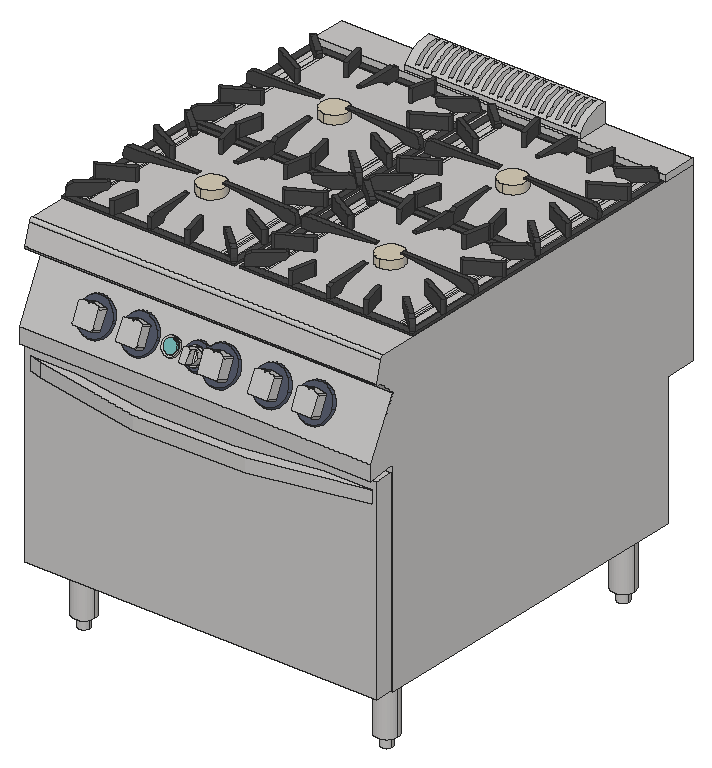
Revit family "QF_ZANUSSI_392260_Z9GCGHTCGB", category Specialty Equipment, Revit 2018 (continued)
Automatic sketch dimensions
  Extrusion 23 sketch curve to plane 16 = 5.396 mm
  Extrusion 23 sketch curve to plane 12 = 112.016 mm
  Extrusion 23 sketch curve to Extrusion 23 sketch curve = 3 mm
  Extrusion 23 sketch curve to Extrusion 23 sketch curve = 0 mm
  Extrusion 23 sketch curve to Extrusion 23 sketch curve = 1 mm  (x2)
  Extrusion 23 sketch curve to Extrusion 23 sketch curve = 15 mm
  Blend 24 sketch curve to plane 17 = 2 mm  (x2)
  Extrusion 25 sketch curve to plane 17 = 25 mm
  Extrusion 25 sketch curve to Extrusion 25 sketch curve = 2.997 mm  (x3)
  Extrusion 25 sketch curve to plane 17 = 2 mm
  plane 17 to Extrusion 25 sketch curve = 18.003 mm  (x2)
  Extrusion 25 sketch curve to Extrusion 25 sketch curve = 5.399 mm
  Extrusion 25 sketch curve to Extrusion 25 sketch curve = 40.037 mm
  Extrusion 25 sketch curve to Extrusion 25 sketch curve = 0 mm  (x2)
  Extrusion 26 sketch curve to plane 16 = 5.396 mm
  Extrusion 26 sketch curve to plane 12 = 112.016 mm
  Extrusion 26 sketch curve to Extrusion 26 sketch curve = 3 mm
  Extrusion 26 sketch curve to Extrusion 26 sketch curve = 0 mm  (x2)
  Extrusion 26 sketch curve to Extrusion 26 sketch curve = 1 mm
  Extrusion 26 sketch curve to Extrusion 26 sketch curve = 15 mm
  Extrusion 27 sketch curve to plane 17 = 19.5 mm
  plane 17 to Extrusion 27 sketch curve = 15.5 mm
  Extrusion 27 sketch curve to Extrusion 27 sketch curve = 35 mm
  Blend 28 sketch curve to plane 20 = 94 mm  (x2)
  plane 17 to Extrusion 29 sketch curve = 75 mm
  Extrusion 29 sketch curve to Extrusion 29 sketch curve = 2.997 mm  (x3)
  Extrusion 29 sketch curve to Extrusion 29 sketch curve = 20.003 mm  (x2)
  Extrusion 29 sketch curve to Extrusion 29 sketch curve = 40.005 mm
  Extrusion 29 sketch curve to Extrusion 29 sketch curve = 5.399 mm
  Extrusion 29 sketch curve to Extrusion 29 sketch curve = 40.037 mm
  Extrusion 29 sketch curve to Extrusion 29 sketch curve = 0 mm  (x2)
  plane 17 to Extrusion 30 sketch curve = 80.5 mm
  Extrusion 30 sketch curve to Extrusion 30 sketch curve = 35 mm  (x2)
  Extrusion 31 sketch curve to plane 16 = 5.396 mm
  Extrusion 31 sketch curve to plane 12 = 112.016 mm
  Extrusion 31 sketch curve to Extrusion 31 sketch curve = 3 mm
  Extrusion 31 sketch curve to Extrusion 31 sketch curve = 0 mm
  Extrusion 31 sketch curve to Extrusion 31 sketch curve = 1 mm  (x2)
  Extrusion 31 sketch curve to Extrusion 31 sketch curve = 15 mm
  Blend 32 sketch curve to plane 7 "Center Y" = 18.05 mm  (x2)
  plane 7 "Center Y" to Blend 32 sketch curve = 34.95 mm  (x2)
  Blend 32 sketch curve to Blend 32 sketch curve = 0 mm  (x2)
  Blend 32 sketch curve to plane 7 "Center Y" = 0.1 mm
  Blend 32 sketch curve to Blend 32 sketch curve = 24.037 mm
  plane 7 "Center Y" to Blend 32 sketch curve = 0.372 mm
  Blend 32 sketch curve to Blend 32 sketch curve = 21.086 mm
  Extrusion 33 sketch curve to plane 7 "Center Y" = 20.051 mm
  Extrusion 34 sketch curve to plane 7 "Center Y" = 36.943 mm
  Extrusion 34 sketch curve to Extrusion 34 sketch curve = 6.058 mm
  Extrusion 34 sketch curve to Extrusion 34 sketch curve = 0.01 mm  (x2)
  Extrusion 34 sketch curve to Extrusion 34 sketch curve = 8.895 mm
  Extrusion 34 sketch curve to plane 7 "Center Y" = 12.053 mm
  Extrusion 34 sketch curve to Extrusion 34 sketch curve = 2.827 mm  (x3)
  Extrusion 34 sketch curve to plane 7 "Center Y" = 3.159 mm
  Extrusion 34 sketch curve to Extrusion 34 sketch curve = 0 mm
  Extrusion 34 sketch curve to Extrusion 34 sketch curve = 15.163 mm
  Extrusion 34 sketch curve to Extrusion 34 sketch curve = 15.173 mm
  plane 7 "Center Y" to Extrusion 35 sketch curve = 11.95 mm
  Extrusion 35 sketch curve to Extrusion 35 sketch curve = 2.997 mm  (x3)
  Extrusion 35 sketch curve to Extrusion 35 sketch curve = 20.003 mm  (x2)
  Extrusion 35 sketch curve to Extrusion 35 sketch curve = 40.005 mm
  Extrusion 35 sketch curve to Extrusion 35 sketch curve = 5.399 mm
  Extrusion 35 sketch curve to Extrusion 35 sketch curve = 40.037 mm
  Extrusion 35 sketch curve to Extrusion 35 sketch curve = 0 mm  (x2)
  Extrusion 36 sketch curve to plane 7 "Center Y" = 20.051 mm
  Extrusion 37 sketch curve to plane 16 = 5.396 mm
  Extrusion 37 sketch curve to plane 12 = 112.016 mm
  Extrusion 37 sketch curve to Extrusion 37 sketch curve = 3 mm
  Extrusion 37 sketch curve to Extrusion 37 sketch curve = 0 mm  (x2)
  Extrusion 37 sketch curve to Extrusion 37 sketch curve = 1 mm
  Extrusion 37 sketch curve to Extrusion 37 sketch curve = 15 mm
  Extrusion 38 sketch curve to plane 16 = 0 mm
  Extrusion 38 sketch curve to plane 15 = 2.972 mm
  plane 9 to Extrusion 38 sketch curve = 6.461 mm
  plane 16 to Extrusion 38 sketch curve = 36.025 mm
  plane 9 to Extrusion 38 sketch curve = 5 mm
  Extrusion 39 sketch curve to Extrusion 39 sketch curve = 0 mm  (x6)
  Extrusion 39 sketch curve to plane 16 = 0 mm  (x2)
  plane 4 "RIGHT" to Extrusion 39 sketch curve = 10.1 mm
  Extrusion 39 sketch curve to plane 20 = 47.705 mm
  Extrusion 39 sketch curve to plane 7 "Center Y" = 0.05 mm
  Extrusion 39 sketch curve to plane 1 "BACK" = 337.5 mm
  Extrusion 39 sketch curve to plane 5 "FRONT" = 4.65 mm
  Blend 40 sketch curve to plane 7 "Center Y" = 77.8 mm  (x2)
  Extrusion 41 sketch curve to plane 7 "Center Y" = 77.8 mm
  Extrusion 42 sketch curve to plane 7 "Center Y" = 77.8 mm
  plane 5 "FRONT" to curve 1 = 0 mm
  plane 1 "BACK" to curve 13 = 0 mm
  curve 10 to plane 4 "RIGHT" = 0 mm
  curve 9 to plane 15 = 0 mm
  curve 2 to plane 3 "LEFT" = 100.013 mm
  plane 11 to curve 12 = 11.113 mm
  curve 12 to plane 19 = 144 mm
  plane 1 "BACK" to curve 93 = 6.761 mm
  curve 11 to curve 93 = 20.698 mm
  curve 92 to curve 90 = 9.296 mm
  curve 90 to curve 87 = 9.397 mm
  curve 87 to curve 86 = 9.296 mm
  curve 86 to curve 84 = 9.397 mm
  curve 84 to curve 85 = 9.296 mm
  curve 82 to curve 80 = 9.397 mm
  curve 80 to curve 81 = 9.296 mm
  curve 78 to curve 75 = 9.397 mm
  curve 76 to curve 74 = 9.296 mm
  curve 74 to curve 72 = 9.397 mm
  curve 72 to curve 73 = 9.296 mm
  curve 70 to curve 69 = 9.397 mm
  curve 68 to curve 69 = 9.296 mm
  curve 66 to curve 65 = 9.397 mm
  curve 64 to curve 65 = 9.296 mm
  curve 62 to curve 61 = 9.397 mm
  curve 60 to curve 61 = 9.296 mm
  curve 58 to curve 55 = 9.397 mm
  curve 54 to plane 7 "Center Y" = 1.823 mm
  plane 7 "Center Y" to curve 52 = 7.574 mm
  curve 52 to curve 53 = 9.296 mm
  curve 50 to curve 48 = 9.397 mm
  curve 48 to curve 46 = 9.296 mm
  curve 46 to curve 44 = 9.397 mm
  curve 44 to curve 42 = 9.296 mm
  curve 42 to curve 40 = 9.397 mm
  curve 40 to curve 38 = 9.296 mm
  curve 38 to curve 35 = 9.397 mm
  curve 36 to curve 34 = 9.296 mm
  curve 34 to curve 32 = 9.397 mm
  curve 32 to curve 33 = 9.296 mm
  curve 30 to curve 28 = 9.397 mm
  curve 28 to curve 29 = 9.296 mm
  curve 26 to curve 24 = 9.397 mm
  curve 25 to plane 17 = 4.332 mm
  plane 17 to curve 19 = 5.065 mm
  curve 20 to curve 18 = 9.296 mm
  curve 18 to curve 15 = 9.397 mm
  curve 16 to curve 14 = 9.296 mm
  curve 14 to curve 13 = 14.847 mm
  curve 2 to plane 4 "RIGHT" = 100.013 mm
  plane 11 to curve 91 = 17.052 mm
  plane 11 to curve 87 = 17.052 mm
  curve 86 to curve 83 = 0 mm
  curve 12 to curve 14 = 5.939 mm
  curve 82 to curve 80 = 0 mm
  curve 18 to curve 15 = 0 mm
  curve 78 to curve 76 = 0 mm
  curve 22 to curve 19 = 0 mm
  curve 74 to curve 72 = 0 mm
  curve 26 to curve 23 = 0 mm
  curve 70 to curve 68 = 0 mm
  curve 30 to curve 27 = 0 mm
  curve 66 to curve 64 = 0 mm
  curve 34 to curve 31 = 0 mm
  curve 62 to curve 60 = 0 mm
  curve 38 to curve 35 = 0 mm
  curve 58 to curve 56 = 0 mm
  curve 42 to curve 39 = 0 mm
  curve 54 to curve 52 = 0 mm
  curve 46 to curve 43 = 0 mm
  plane 1 "BACK" to curve 49 = 6.761 mm
  plane 1 "BACK" to curve 50 = 6.761 mm
  plane 1 "BACK" to curve 45 = 6.761 mm
  plane 1 "BACK" to curve 54 = 6.761 mm
  plane 1 "BACK" to curve 41 = 6.761 mm
  plane 1 "BACK" to curve 58 = 6.761 mm
  plane 1 "BACK" to curve 37 = 6.761 mm
  plane 1 "BACK" to curve 62 = 6.761 mm
  plane 1 "BACK" to curve 33 = 6.761 mm
  plane 1 "BACK" to curve 66 = 6.761 mm
  plane 1 "BACK" to curve 29 = 6.761 mm
  plane 1 "BACK" to curve 70 = 6.761 mm
  plane 1 "BACK" to curve 25 = 6.761 mm
  plane 1 "BACK" to curve 74 = 6.761 mm
  plane 1 "BACK" to curve 21 = 6.761 mm
  plane 1 "BACK" to curve 78 = 6.761 mm
  plane 1 "BACK" to curve 17 = 6.761 mm
  plane 1 "BACK" to curve 82 = 6.761 mm
  plane 1 "BACK" to curve 88 = 6.761 mm
  curve 2 to plane 1 "BACK" = 100.013 mm
  curve 3 to plane 5 "FRONT" = 0.396 mm
  plane 11 to curve 7 = 4.762 mm
  plane 5 "FRONT" to curve 6 = 0 mm
  plane 5 "FRONT" to curve 10 = 0 mm
  curve 185 to plane 3 "LEFT" = 0 mm
  curve 95 to curve 98 = 0.774 mm
  curve 95 to curve 96 = 1.846 mm
  curve 98 to curve 97 = 10.309 mm
  curve 95 to curve 99 = 21.322 mm
  curve 99 to curve 108 = 1.738 mm
  curve 97 to curve 106 = 22.215 mm
  curve 105 to curve 107 = 1.071 mm
  curve 111 to curve 114 = 0.774 mm
  curve 111 to curve 112 = 1.846 mm
  curve 114 to curve 113 = 10.309 mm
  curve 111 to curve 115 = 21.322 mm
  curve 115 to curve 124 = 1.738 mm
  curve 121 to curve 123 = 1.071 mm
  curve 166 to plane 7 "Center Y" = 29.723 mm
  curve 167 to plane 7 "Center Y" = 10.379 mm
  curve 194 to plane 7 "Center Y" = 0.05 mm
  plane 7 "Center Y" to curve 127 = 12.759 mm
  curve 127 to curve 128 = 1.846 mm
  plane 7 "Center Y" to curve 129 = 23.842 mm
  plane 7 "Center Y" to curve 131 = 34.081 mm
  curve 131 to curve 140 = 1.738 mm
  curve 129 to curve 138 = 22.215 mm
  curve 137 to curve 139 = 1.071 mm
  curve 137 to curve 136 = 1.846 mm
  curve 170 to curve 173 = 0.774 mm
  curve 170 to curve 171 = 1.846 mm
  curve 172 to plane 17 = 13.108 mm
  curve 174 to plane 17 = 2.869 mm
  curve 183 to plane 17 = 1.131 mm
  plane 17 to curve 181 = 9.108 mm
  plane 17 to curve 180 = 18.346 mm
  curve 180 to curve 182 = 1.071 mm
  curve 179 to curve 143 = 55.515 mm
  curve 143 to curve 146 = 0.774 mm
  curve 143 to curve 144 = 1.846 mm
  curve 146 to curve 145 = 10.309 mm
  curve 143 to curve 147 = 21.322 mm
  curve 147 to curve 155 = 1.738 mm
  curve 153 to curve 154 = 1.071 mm
  curve 108 to curve 124 = 0 mm
  curve 183 to curve 155 = 0 mm
  curve 99 to curve 108 = 0 mm
  curve 147 to curve 155 = 0 mm
  curve 115 to curve 124 = 0 mm
  curve 131 to curve 140 = 0 mm
  curve 174 to curve 183 = 0 mm
  curve 170 to curve 179 = 0 mm
  curve 127 to curve 136 = 0 mm
  curve 111 to curve 120 = 0 mm
  curve 95 to curve 104 = 0 mm
  curve 143 to curve 152 = 0 mm
  curve 128 to curve 130 = 14.462 mm
  curve 112 to curve 114 = 14.462 mm
  curve 171 to curve 173 = 14.462 mm
  curve 144 to curve 146 = 14.462 mm
  curve 166 to curve 167 = 0 mm
  curve 172 to curve 181 = 0 mm
  curve 129 to curve 138 = 0 mm
  curve 97 to curve 106 = 0 mm
  curve 113 to curve 122 = 0 mm
  curve 192 to plane 19 = 5.252 mm
  curve 97 to curve 98 = 11.392 mm
  curve 94 to curve 95 = 0.809 mm
  curve 95 to curve 95 = 0.277 mm
  curve 95 to curve 109 = 2.465 mm
  curve 99 to curve 100 = 20.701 mm
  curve 99 to curve 108 = 2 mm
  curve 105 to curve 104 = 2.189 mm
  curve 107 to curve 107 = 0.284 mm
  curve 104 to curve 105 = 0.277 mm
  curve 107 to curve 106 = 1.299 mm
  curve 103 to curve 106 = 9.809 mm
  curve 113 to curve 114 = 11.392 mm
  curve 193 to curve 111 = 0.809 mm
  curve 112 to curve 111 = 0.277 mm
  curve 114 to curve 114 = 0.284 mm
  curve 111 to curve 112 = 2.465 mm
  curve 112 to curve 194 = 16.272 mm
  curve 115 to curve 116 = 20.701 mm
  curve 115 to curve 124 = 2 mm
  curve 121 to curve 120 = 2.189 mm
  curve 123 to curve 123 = 0.284 mm
  curve 120 to curve 121 = 0.277 mm
  curve 123 to curve 122 = 1.299 mm
  curve 120 to curve 120 = 0.809 mm
  curve 119 to curve 122 = 9.809 mm
  curve 166 to curve 166 = 1.229 mm
  curve 166 to curve 166 = 0.445 mm
  curve 187 to curve 166 = 0 mm
  curve 188 to plane 7 "Center Y" = 12.097 mm
  curve 167 to curve 167 = 0.445 mm
  plane 7 "Center Y" to curve 129 = 2.141 mm
  curve 127 to curve 127 = 0.809 mm
  curve 126 to curve 130 = 1.583 mm
  curve 127 to curve 127 = 0.277 mm
  curve 131 to curve 130 = 0.284 mm
  curve 127 to curve 141 = 2.465 mm
  curve 130 to curve 133 = 20.417 mm
  curve 132 to curve 134 = 2 mm
  curve 141 to curve 136 = 2.189 mm
  curve 139 to curve 139 = 0.284 mm
  curve 136 to curve 137 = 0.277 mm
  curve 140 to curve 138 = 1.299 mm
  curve 135 to curve 138 = 9.809 mm
  curve 172 to curve 173 = 11.392 mm
  curve 170 to curve 170 = 0.277 mm
  curve 174 to curve 173 = 0.284 mm
  curve 170 to curve 184 = 2.465 mm
  curve 175 to plane 17 = 3 mm
  curve 177 to plane 17 = 1 mm
  plane 17 to curve 194 = 1.63 mm
  curve 184 to curve 179 = 2.189 mm
  curve 182 to curve 183 = 0.284 mm
  curve 179 to curve 179 = 0.277 mm
  curve 179 to curve 178 = 0.809 mm
  curve 182 to curve 181 = 1.299 mm
  curve 178 to curve 181 = 9.809 mm
  curve 145 to curve 146 = 11.392 mm
  curve 143 to curve 143 = 0.809 mm
  curve 144 to curve 143 = 0.277 mm
  curve 146 to curve 146 = 0.284 mm
  curve 143 to curve 144 = 2.465 mm
  curve 147 to curve 148 = 20.701 mm
  curve 147 to curve 155 = 2 mm
  curve 156 to curve 152 = 2.189 mm
  curve 154 to curve 155 = 0.284 mm
  curve 152 to curve 153 = 0.277 mm
  curve 152 to curve 151 = 0.809 mm
  curve 125 to curve 111 = 0.573 mm
  curve 141 to curve 127 = 0.573 mm
  curve 96 to curve 95 = 0.573 mm
  curve 156 to curve 143 = 0.573 mm
  curve 105 to curve 104 = 0.573 mm
  curve 171 to curve 170 = 0.573 mm
  curve 184 to curve 179 = 0.573 mm
  curve 110 to curve 193 = 1.161 mm
  curve 178 to curve 195 = 1.175 mm
  curve 187 to curve 166 = 13.86 mm
  curve 186 to curve 193 = 0.411 mm
  curve 151 to curve 191 = 9.347 mm
  curve 190 to curve 195 = 0.41 mm
  curve 94 to curve 185 = 9.347 mm
  curve 188 to curve 167 = 13.86 mm
  curve 171 to curve 189 = 6.567 mm
  curve 173 to curve 173 = 0.567 mm
  curve 146 to curve 146 = 0.567 mm
  curve 130 to curve 130 = 0.567 mm
  curve 123 to curve 123 = 0.567 mm
  curve 154 to curve 154 = 0.567 mm
  curve 114 to curve 114 = 0.567 mm
  curve 182 to curve 182 = 0.567 mm
  curve 139 to curve 139 = 0.567 mm
  curve 98 to curve 98 = 0.567 mm
  curve 107 to curve 107 = 0.567 mm
  curve 146 to curve 148 = 1.435 mm
  curve 194 to curve 177 = 20.009 mm
  curve 123 to curve 118 = 1.435 mm
  curve 98 to curve 101 = 1.435 mm
  curve 139 to curve 134 = 1.435 mm
  curve 107 to curve 106 = 1.156 mm
  curve 131 to curve 129 = 1.156 mm
  curve 173 to curve 172 = 1.156 mm
  curve 114 to curve 113 = 1.156 mm
  curve 140 to curve 138 = 1.156 mm
  curve 123 to curve 122 = 1.156 mm
  curve 146 to curve 145 = 1.156 mm
  curve 182 to curve 181 = 1.156 mm
  curve 166 to curve 166 = 0.083 mm
  curve 167 to curve 167 = 0.083 mm
  curve 99 to curve 100 = 3.441 mm
  curve 106 to curve 103 = 4.292 mm
  curve 172 to curve 169 = 4.292 mm
  curve 174 to curve 175 = 3.441 mm
  curve 155 to curve 150 = 3.441 mm
  curve 145 to curve 142 = 4.292 mm
  curve 181 to curve 178 = 4.292 mm
  curve 138 to curve 135 = 4.292 mm
  curve 140 to curve 134 = 3.441 mm
  curve 113 to curve 110 = 4.292 mm
  curve 129 to curve 126 = 4.292 mm
  curve 122 to curve 119 = 4.292 mm
  curve 124 to curve 118 = 3.441 mm
  curve 97 to curve 94 = 4.292 mm
  curve 165 to plane 5 "FRONT" = 17.937 mm
  curve 160 to curve 165 = 0.001 mm
  curve 161 to curve 160 = 7.996 mm
  curve 161 to curve 161 = 2.259 mm
  curve 160 to curve 161 = 0.319 mm
  curve 160 to curve 158 = 3.717 mm
  curve 161 to curve 160 = 1.423 mm
  curve 164 to plane 7 "Center Y" = 4.049 mm
  curve 160 to curve 159 = 0.001 mm
  curve 159 to curve 157 = 7.998 mm
  curve 162 to curve 162 = 0.865 mm
  curve 162 to curve 162 = 2.495 mm
  curve 162 to curve 159 = 0.141 mm
  curve 157 to curve 159 = 3.718 mm
  curve 159 to curve 160 = 4.284 mm
  curve 160 to curve 159 = 0 mm
  curve 165 to curve 160 = 2.937 mm
  curve 165 to curve 159 = 2.937 mm
  curve 160 to curve 164 = 0 mm
  curve 163 to curve 159 = 0 mm
  curve 160 to curve 158 = 1.224 mm
  curve 159 to curve 157 = 1.224 mm
  curve 163 to curve 163 = 4.847 mm
  curve 165 to curve 159 = 7.784 mm
  curve 163 to curve 160 = 0.003 mm
  curve 164 to curve 164 = 4.85 mm
  curve 160 to curve 161 = 0.047 mm
  curve 162 to curve 162 = 2.86 mm
  curve 162 to curve 157 = 10.261 mm
  plane 5 "FRONT" to curve 186 = 0 mm
  curve 149 to curve 156 = 19.003 mm
  curve 153 to curve 152 = 1.846 mm
  curve 192 to curve 193 = 0 mm  (x2)
  curve 192 to curve 194 = 0 mm
  curve 192 to curve 195 = 0 mm
  curve 193 to curve 194 = 0 mm
  curve 194 to curve 195 = 0 mm
  plane 5 "FRONT" to curve 190 = 0 mm
  curve 101 to plane 16 = 5.671 mm
  curve 98 to curve 101 = 20.417 mm
  radius of Extrusion 4 sketch curve = 6.4 mm
  radius of Extrusion 11 sketch curve = 6.4 mm
  radius of Extrusion 12 sketch curve = 6.4 mm
  radius of Extrusion 13 sketch curve = 6.35 mm
  radius of Split face 1 sketch curve = 3 mm
  radius of Split face 4 sketch curve = 1.5 mm
  radius of Split face 5 sketch curve = 3.497 mm
  radius of Split face 8 sketch curve = 2.029 mm
  radius of Split face 13 sketch curve = 2.029 mm
  radius of Split face 14 sketch curve = 3 mm
  radius of Split face 15 sketch curve = 1.5 mm
  radius of Split face 16 sketch curve = 3.497 mm
  radius of Split face 17 sketch curve = 3 mm
  radius of Split face 20 sketch curve = 1.5 mm
  radius of Split face 21 sketch curve = 3.497 mm
  radius of Split face 24 sketch curve = 2.029 mm
  radius of Split face 29 sketch curve = 2.029 mm
  radius of Split face 30 sketch curve = 3 mm
  radius of Split face 31 sketch curve = 1.5 mm
  radius of Split face 32 sketch curve = 3.497 mm
  radius of Split face 33 sketch curve = 1 mm
  radius of Split face 34 sketch curve = 1 mm
  radius of Split face 35 sketch curve = 1 mm
  radius of Split face 36 sketch curve = 1 mm
  radius of Split face 37 sketch curve = 1 mm
  radius of Split face 38 sketch curve = 1 mm
  radius of Split face 39 sketch curve = 1 mm
  radius of Split face 40 sketch curve = 1 mm
  radius of Split face 41 sketch curve = 1 mm
  radius of Split face 42 sketch curve = 1 mm
  radius of Split face 43 sketch curve = 1 mm
  radius of Split face 44 sketch curve = 1 mm
  radius of Split face 45 sketch curve = 1 mm
  radius of Split face 46 sketch curve = 1 mm
  radius of Split face 47 sketch curve = 1 mm
  radius of Split face 48 sketch curve = 1 mm
  radius of Split face 49 sketch curve = 1 mm
  radius of Split face 50 sketch curve = 1 mm
  radius of Split face 51 sketch curve = 1 mm
  radius of Split face 52 sketch curve = 1 mm
  radius of Split face 53 sketch curve = 1 mm
  radius of Split face 54 sketch curve = 1 mm
  radius of Split face 55 sketch curve = 1 mm
  radius of Split face 56 sketch curve = 1 mm
  radius of Split face 57 sketch curve = 1.508 mm
  radius of Split face 58 sketch curve = 1.343 mm
  radius of Blend 16 sketch curve = 42.5 mm
  radius of Blend 16 sketch curve = 40.5 mm
  radius of Blend 20 sketch curve = 42.5 mm
  radius of Blend 20 sketch curve = 40.5 mm
  radius of Blend 24 sketch curve = 42.5 mm
  radius of Blend 24 sketch curve = 40.5 mm
  radius of Blend 28 sketch curve = 42.5 mm
  radius of Blend 28 sketch curve = 40.5 mm
  radius of Extrusion 33 sketch curve = 20 mm
  radius of Extrusion 36 sketch curve = 16 mm
  radius of Blend 40 sketch curve = 20 mm
  radius of Blend 40 sketch curve = 15 mm
  radius of Extrusion 41 sketch curve = 20 mm
  radius of Extrusion 42 sketch curve = 15 mm
Nested families
  nested 1: "QF_392008_BURNER" at (393.7, -440.488, 0) x (-1, 0, 0) z (0, 0, 1), type "QF_392008_BURNER"
    with Type Mark "", Status "", Specification by User "", Revision Code "", Item Number "", Installed By "", Identify Quantity as Lot yes, Furnished By "", Foodservice Equipment Identifier yes
  nested 2: "QF_392008_BURNER" at (393.7, -440.488, 0) x (-1, 0, 0) z (0, 0, 1), type "QF_392008_BURNER"
    with Type Mark "", Status "", Specification by User "", Revision Code "", Item Number "", Installed By "", Identify Quantity as Lot yes, Furnished By "", Foodservice Equipment Identifier yes
  nested 3: "QF_392008_BURNER" at (406.4, -440.488, 0), type "QF_392008_BURNER"
    with Type Mark "", Status "", Specification by User "", Revision Code "", Item Number "", Installed By "", Identify Quantity as Lot yes, Furnished By "", Foodservice Equipment Identifier yes
  nested 4: "QF_392008_BURNER" at (406.4, -440.488, 0), type "QF_392008_BURNER"
    with Type Mark "", Status "", Specification by User "", Revision Code "", Item Number "", Installed By "", Identify Quantity as Lot yes, Furnished By "", Foodservice Equipment Identifier yes
Connectors
  piping at (757.1, -30, 406.813), diameter 12.8
    settings: on Extrusion 4, index 1, connector inside diameter 0.50394", connector length 0 mm, flow factor 0, pipe flow 0 GPM, pressure drop 0.00 psi, fitting loss kfactor 0, connector angle 0.00°, fixture units 0, engagement length 0 mm, angle of deflection 0.00°, flow configuration 1, flow direction 1, fitting loss method 0, system type 7, joint type 0, gender type 0, connector reference index -1, connector utility 0, adjustable connector no, is connector primary yes, connector description "GAS"
  electrical at (552.1, -59, 310)
    settings: on Extrusion 14, index 2, voltage 220 V, apparent load 18.5806 VA, apparent load phase1 0 VA, apparent load phase2 0 VA, apparent load phase3 0 VA, power factor 1, load classification "Other", number of poles 1, system type 30, power factor state 1, is connector primary yes, connector utility no, sub classification motor no, connector description "ELECTRICAL CONNECTION"
Definition of nested family "QF_392008_BURNER"
  Parameters
    Weight in Pounds = 0
    URL Cutsheet = ""
    URL = "www.electrolux.com"
    Type Mark [instance] = ""
    Status [instance] = ""
    Specification by User [instance] = ""
    Specification by Manufacturer = ""
    Show Clearance [instance] = yes
    Serial Number = ""
    Seismic Rating = ""
    SMACNA No = ""
    Revision Code [instance] = ""
    Omniclass Number and Title = ""
    NAFEM Spec ID Number = ""
    Model = "371009"
    Masterspec = ""
    Manufacturer = "ELECTROLUX"
    Item Number [instance] = ""
    Installed By [instance] = ""
    Identify Quantity as Lot [instance] = yes
    Furnished By [instance] = ""
    Foodservice Equipment Identifier [instance] = yes
    Description = ""
    CSI MasterFormat = ""
    CSI Master Format = ""
  Reference planes
    plane 1 "BACK": y = 0
    plane 2: z = 0
    plane 3 "LEFT": x = 0
    plane 4 "RIGHT": x = 393.7
    plane 5 "FRONT": y = -355.6
    plane 6 "TOP": z = 908.85
    plane 7 "Center Y": x = 196.85
    plane 8 "Center X": y = -177.8
    plane 9 "Base": z = 150
    plane 10: z = 850.85
  Forms (mm)
    Extrusion 1, solid
      sketch origin (-6.433, -404.961, 5) x (1, 0, 0) y (0, 0, -1)
        loop
          arc (7.142, -850.85) -> (6.739, -862.989) -> (9.761, -874.752) r 42.809
          line (9.761, -874.752) -> (19.961, -879.425) -> (173.122, -879.425)
          arc (173.122, -879.425) -> (174.316, -878.312) -> (173.289, -877.043) r 1.197
          line (173.289, -877.043) -> (64.848, -864.021)
          arc (64.848, -864.021) -> (50.111, -858.738) -> (36.589, -850.85) r 85.245
          line (36.589, -850.85) -> (7.142, -850.85)
        loop
          line (399.424, -850.85) -> (369.977, -850.85)
          arc (369.977, -850.85) -> (356.455, -858.738) -> (341.718, -864.021) r 85.245
          line (341.718, -864.021) -> (233.277, -877.043)
          arc (233.277, -877.043) -> (232.25, -878.312) -> (233.444, -879.425) r 1.197
          line (233.444, -879.425) -> (386.605, -879.425) -> (396.806, -874.752)
          arc (396.806, -874.752) -> (399.827, -862.989) -> (399.424, -850.85) r 42.809
      from 224.564 to 234.564
    Extrusion 2, solid
      sketch origin (196.85, 175.397, 1219.2) x (0, 1, 0) y (0, 0, 1)
        loop
          line (-204.463, -363.35) -> (-175.397, -363.35) -> (-175.397, -339.506)
          arc (-175.397, -339.506) -> (-181.025, -338.266) -> (-185.611, -334.775) r 13.39
          line (-185.611, -334.775) -> (-278.903, -334.775)
          arc (-278.903, -334.775) -> (-280.097, -335.888) -> (-279.07, -337.157) r 1.197
          line (-279.07, -337.157) -> (-227.151, -347.464)
          arc (-227.151, -347.464) -> (-213.741, -352.457) -> (-204.463, -363.35) r 28.426
        loop
          arc (-496.332, -363.35) -> (-487.053, -352.457) -> (-473.644, -347.464) r 28.426
          line (-473.644, -347.464) -> (-421.725, -337.157)
          arc (-421.725, -337.157) -> (-420.697, -335.888) -> (-421.891, -334.775) r 1.197
          line (-421.891, -334.775) -> (-515.184, -334.775)
          arc (-515.184, -334.775) -> (-519.769, -338.266) -> (-525.397, -339.506) r 13.39
          line (-525.397, -339.506) -> (-525.397, -363.35) -> (-496.332, -363.35)
      from -5 to 5
    Extrusion 3, solid
      sketch origin (-6.433, 367.064, 850.85) x (0, -1, 0) y (1, 0, 0)
        loop
          line (722.664, 6.433) -> (722.664, 400.133) -> (367.064, 400.133) -> (367.064, 6.433) -> (722.664, 6.433)
        loop
          line (382.064, 21.433) -> (707.664, 21.433) -> (707.664, 385.133) -> (382.064, 385.133) -> (382.064, 21.433)
      from 0 to 5
    Extrusion 4, solid
      sketch origin (-18.933, 367.064, 855.85) x (0, -1, 0) y (1, 0, 0)
        loop
          circle (541.667, 215.783) r 30
      from -1.321 to 17.134
    Extrusion 5, solid
      sketch origin (-6.433, -367.064, 0) x (1, 0, 0) y (0, 0, -1)
        loop
          line (21.433, -855.85) -> (36.589, -855.85)
          arc (36.589, -855.85) -> (40.561, -855.243) -> (44.305, -853.783) r 18.259
          arc (44.305, -853.783) -> (45.997, -853.366) -> (47.69, -853.783) r 3.649
          arc (47.69, -853.783) -> (49.901, -854.522) -> (52.232, -854.529) r 7.328
          line (52.232, -854.529) -> (354.334, -854.529)
          arc (354.334, -854.529) -> (356.666, -854.522) -> (358.877, -853.783) r 7.328
          arc (358.877, -853.783) -> (360.569, -853.366) -> (362.261, -853.783) r 3.649
          arc (362.261, -853.783) -> (366.005, -855.243) -> (369.977, -855.85) r 18.259
          line (369.977, -855.85) -> (385.133, -855.85) -> (385.133, -850.85) -> (21.433, -850.85) -> (21.433, -855.85)
      from 26.464 to 352.064
    Extrusion 6, solid
      sketch origin (83.284, -458.334, 5) x (0.742103, 0.670286, 0) y (0, 0, -1)
        loop
          arc (88.629, -864.012) -> (73.909, -858.731) -> (60.402, -850.85) r 85.245
          line (60.402, -850.85) -> (14.993, -850.85)
          arc (14.993, -850.85) -> (14.642, -862.948) -> (17.686, -874.663) r 42.876
          line (17.686, -874.663) -> (27.899, -879.425) -> (89.664, -879.425)
          arc (89.664, -879.425) -> (92.39, -878.352) -> (93.654, -875.709) r 4
          arc (93.654, -875.709) -> (92.562, -869.25) -> (88.629, -864.012) r 13.87
        loop
          arc (457.638, -864.012) -> (453.704, -869.25) -> (452.613, -875.709) r 13.87
          arc (452.613, -875.709) -> (453.876, -878.352) -> (456.603, -879.425) r 4
          line (456.603, -879.425) -> (518.367, -879.425) -> (528.581, -874.663)
          arc (528.581, -874.663) -> (531.624, -862.948) -> (531.273, -850.85) r 42.876
          line (531.273, -850.85) -> (485.865, -850.85)
          arc (485.865, -850.85) -> (472.357, -858.731) -> (457.638, -864.012) r 85.245
      from 127.064 to 137.064
    Extrusion 7, solid
      sketch origin (310.416, -458.334, 5) x (-0.742103, 0.670286, 0) y (0, 0, 1)
        loop
          arc (88.629, 864.012) -> (92.562, 869.25) -> (93.654, 875.709) r 13.87
          arc (93.654, 875.709) -> (92.39, 878.352) -> (89.664, 879.425) r 4
          line (89.664, 879.425) -> (27.899, 879.425) -> (17.686, 874.663)
          arc (17.686, 874.663) -> (14.642, 862.948) -> (14.993, 850.85) r 42.876
          line (14.993, 850.85) -> (60.402, 850.85)
          arc (60.402, 850.85) -> (73.909, 858.731) -> (88.629, 864.012) r 85.245
        loop
          arc (457.638, 864.012) -> (472.357, 858.731) -> (485.865, 850.85) r 85.245
          line (485.865, 850.85) -> (531.273, 850.85)
          arc (531.273, 850.85) -> (531.624, 862.948) -> (528.581, 874.663) r 42.876
          line (528.581, 874.663) -> (518.367, 879.425) -> (456.603, 879.425)
          arc (456.603, 879.425) -> (453.876, 878.352) -> (452.613, 875.709) r 4
          arc (452.613, 875.709) -> (453.704, 869.25) -> (457.638, 864.012) r 13.87
      from 127.064 to 137.064
    Extrusion 8, solid
      sketch origin (-6.433, 367.064, 855.85) x (0, -1, 0) y (1, 0, 0)
        loop
          arc (626.166, 9.428) -> (632.956, 7.454) -> (634.93, 14.244) r 5
          line (634.93, 14.244) -> (600.514, 76.878)
          arc (600.514, 76.878) -> (593.724, 78.852) -> (591.75, 72.062) r 5
          line (591.75, 72.062) -> (626.166, 9.428)
        loop
          line (463.562, 9.428) -> (497.977, 72.062)
          arc (497.977, 72.062) -> (496.003, 78.852) -> (489.213, 76.878) r 5
          line (489.213, 76.878) -> (454.798, 14.244)
          arc (454.798, 14.244) -> (456.772, 7.454) -> (463.562, 9.428) r 5
        loop
          line (626.166, 397.138) -> (591.75, 334.504)
          arc (591.75, 334.504) -> (593.724, 327.714) -> (600.514, 329.689) r 5
          line (600.514, 329.689) -> (634.93, 392.323)
          arc (634.93, 392.323) -> (632.956, 399.113) -> (626.166, 397.138) r 5
        loop
          arc (463.562, 397.138) -> (456.772, 399.113) -> (454.798, 392.323) r 5
          line (454.798, 392.323) -> (489.213, 329.689)
          arc (489.213, 329.689) -> (496.003, 327.714) -> (497.977, 334.504) r 5
          line (497.977, 334.504) -> (463.562, 397.138)
        loop
          line (715.14, 293.499) -> (666.703, 282.317)
          arc (666.703, 282.317) -> (662.956, 276.32) -> (668.953, 272.573) r 5
          line (668.953, 272.573) -> (717.389, 283.756)
          arc (717.389, 283.756) -> (721.136, 289.752) -> (715.14, 293.499) r 5
        loop
          arc (715.14, 113.067) -> (721.136, 116.814) -> (717.389, 122.811) r 5
          line (717.389, 122.811) -> (668.953, 133.993)
          arc (668.953, 133.993) -> (662.956, 130.246) -> (666.703, 124.249) r 5
          line (666.703, 124.249) -> (715.14, 113.067)
        loop
          arc (374.588, 293.499) -> (368.591, 289.752) -> (372.338, 283.756) r 5
          line (372.338, 283.756) -> (420.775, 272.573)
          arc (420.775, 272.573) -> (426.771, 276.32) -> (423.024, 282.317) r 5
          line (423.024, 282.317) -> (374.588, 293.499)
        loop
          line (374.588, 113.067) -> (423.024, 124.249)
          arc (423.024, 124.249) -> (426.771, 130.246) -> (420.775, 133.993) r 5
          line (420.775, 133.993) -> (372.338, 122.811)
          arc (372.338, 122.811) -> (368.591, 116.814) -> (374.588, 113.067) r 5
      from 0 to 28.575
  Lines and regions (mm)
    symbolic lines
      curve 1: line (0, -355.6, 150) -> (393.7, -355.6, 150)
      curve 2: line (0, 0, 150) -> (0, -355.6, 150)
      curve 3: line (393.7, -355.6, 150) -> (393.7, 0, 150)
      curve 4: line (369.633, -15, 150) -> (285.34, -15, 150)
      curve 5: line (24.067, -340.6, 150) -> (108.36, -340.6, 150)
      curve 6: line (157.475, -170.397, 150) -> (157.475, -15, 150)
      curve 7: line (236.225, -170.397, 150) -> (236.225, -15, 150)
      curve 8: line (201.85, -350, 150) -> (201.85, -176.674, 150)
      curve 9: line (0, -180.397, 150) -> (167.224, -180.397, 150)
      curve 10: line (393.7, -170.397, 150) -> (228.275, -170.397, 150)
      curve 11: line (15, -180.397, 150) -> (15, -252.506, 150)
      curve 12: line (45.799, -340.6, 150) -> (45.799, -320.971, 150)
      curve 13: line (167.224, -170.397, 150) -> (0, -170.397, 150)
      curve 14: line (228.275, -180.504, 150) -> (393.7, -180.504, 150)
      curve 15: arc (228.275, -170.397, 150) -> (223.221, -175.45, 150) -> (228.275, -180.504, 150) r 5.054
      curve 16: arc (167.224, -170.397, 150) -> (172.224, -175.397, 150) -> (167.224, -180.397, 150) r 5
      curve 17: line (191.85, -176.674, 150) -> (191.85, -350, 150)
      curve 18: line (201.85, -134.556, 150) -> (201.85, -0.794, 150)
      curve 19: arc (201.85, -176.674, 150) -> (196.85, -171.674, 150) -> (191.85, -176.674, 150) r 5
      curve 20: arc (201.85, -134.556, 150) -> (196.85, -139.556, 150) -> (191.85, -134.556, 150) r 5
      curve 21: line (191.85, -15, 150) -> (118.623, -15, 150)
      curve 22: arc (201.85, -29.042, 150) -> (213.272, -50.008, 150) -> (201.85, -70.973, 150) r 24.953
      curve 23: arc (213.086, -53.048, 150) -> (214.5, -50.008, 150) -> (213.086, -46.967, 150) r 3.975
      curve 24: arc (191.85, -29.852, 150) -> (181.339, -50.008, 150) -> (191.85, -70.163, 150) r 24.58
      curve 25: arc (181.527, -53.042, 150) -> (179.976, -50.008, 150) -> (181.527, -46.973, 150) r 3.745
      curve 26: line (191.85, -0.794, 150) -> (191.85, -134.556, 150)
      curve 27: line (191.85, -350, 150) -> (201.85, -350, 150)
      curve 28: line (191.85, -11.007, 150) -> (201.85, -11.007, 150)
      curve 29: line (191.85, -0.794, 150) -> (201.85, -0.794, 150)
      curve 30: line (201.85, -340.6, 150) -> (275.077, -340.6, 150)
      curve 31: arc (196.85, -145.397, 0) -> (166.955, -172.888, 0) -> (191.85, -204.977, 0) r 30
      curve 32: arc (201.85, -204.977, 0) -> (226.745, -172.888, 0) -> (196.85, -145.397, 0) r 30
      curve 33: arc (158.678, -180.397, 0) -> (170.734, -200.207, 0) -> (191.85, -209.795, 0) r 39.375
      curve 34: line (163.825, -170.397, 150) -> (163.825, -15, 150)
      curve 35: line (229.875, -170.397, 150) -> (229.875, -15, 150)
      curve 36: line (144.775, -170.397, 150) -> (144.775, -15, 150)
      curve 37: line (248.925, -170.397, 150) -> (248.925, -15, 150)
      curve 38: arc (145.678, -180.397, 0) -> (161.728, -209.187, 0) -> (191.85, -222.573, 0) r 52.075
      curve 39: arc (201.85, -209.795, 0) -> (222.966, -200.207, 0) -> (235.022, -180.397, 0) r 39.375
      curve 40: arc (201.85, -222.573, 0) -> (231.931, -209.224, 0) -> (248.001, -180.504, 0) r 52.075
      curve 41: line (393.7, 0, 0) -> (0, 0, 0)
      curve 42: line (70.445, -122.149, 0) -> (7.81, -87.734, 0)
      curve 43: arc (7.81, -87.734, 0) -> (1.021, -89.708, 0) -> (2.995, -96.498, 0) r 5
      curve 44: line (2.995, -96.498, 0) -> (65.629, -130.914, 0)
      curve 45: arc (65.629, -130.914, 0) -> (72.419, -128.939, 0) -> (70.445, -122.149, 0) r 5
      curve 46: line (65.629, -224.686, 0) -> (2.995, -259.102, 0)
      curve 47: arc (2.995, -259.102, 0) -> (1.021, -265.892, 0) -> (7.81, -267.866, 0) r 5
      curve 48: line (7.81, -267.866, 0) -> (70.445, -233.451, 0)
      curve 49: arc (70.445, -233.451, 0) -> (72.419, -226.661, 0) -> (65.629, -224.686, 0) r 5
      curve 50: line (323.255, -122.149, 0) -> (385.89, -87.734, 0)
      curve 51: arc (385.89, -87.734, 0) -> (392.679, -89.708, 0) -> (390.705, -96.498, 0) r 5
      curve 52: line (390.705, -96.498, 0) -> (328.071, -130.914, 0)
      curve 53: arc (328.071, -130.914, 0) -> (321.281, -128.939, 0) -> (323.255, -122.149, 0) r 5
      curve 54: line (328.071, -224.686, 0) -> (390.705, -259.102, 0)
      curve 55: arc (390.705, -259.102, 0) -> (392.679, -265.892, 0) -> (385.89, -267.866, 0) r 5
      curve 56: line (385.89, -267.866, 0) -> (323.255, -233.451, 0)
      curve 57: arc (323.255, -233.451, 0) -> (321.281, -226.661, 0) -> (328.071, -224.686, 0) r 5
      curve 58: line (118.623, -340.6, 150) -> (191.85, -340.6, 150)
      curve 59: line (285.34, -340.6, 150) -> (369.633, -340.6, 150)
      curve 60: line (378.7, -335.314, 0) -> (378.7, -263.916, 0)
      curve 61: line (1.326, -7.935, 0) -> (58.752, -59.804, 0)
      curve 62: line (65.455, -52.383, 0) -> (8.029, -0.514, 0)
      curve 63: arc (58.752, -59.804, 0) -> (65.814, -59.445, 0) -> (65.455, -52.383, 0) r 5
      curve 64: line (1.326, -7.935, 0) -> (8.029, -0.514, 0)
      curve 65: line (392.374, -7.935, 0) -> (334.948, -59.804, 0)
      curve 66: line (328.245, -52.383, 0) -> (385.671, -0.514, 0)
      curve 67: arc (334.948, -59.804, 0) -> (327.886, -59.445, 0) -> (328.245, -52.383, 0) r 5
      curve 68: line (392.374, -7.935, 0) -> (385.671, -0.514, 0)
      curve 69: line (392.374, -347.665, 0) -> (334.948, -295.796, 0)
      curve 70: line (328.245, -303.217, 0) -> (385.671, -355.086, 0)
      curve 71: arc (334.948, -295.796, 0) -> (327.886, -296.155, 0) -> (328.245, -303.217, 0) r 5
      curve 72: line (392.374, -347.665, 0) -> (385.671, -355.086, 0)
      curve 73: line (1.326, -347.665, 0) -> (58.752, -295.796, 0)
      curve 74: line (65.455, -303.217, 0) -> (8.029, -355.086, 0)
      curve 75: arc (58.752, -295.796, 0) -> (65.814, -296.155, 0) -> (65.455, -303.217, 0) r 5
      curve 76: line (1.326, -347.665, 0) -> (8.029, -355.086, 0)
      curve 77: line (347.901, -15, 0) -> (347.901, -34.629, 0)
      curve 78: line (347.901, -320.971, 0) -> (347.901, -340.6, 0)
      curve 79: line (378.7, -252.506, 0) -> (378.7, -180.397, 0)
      curve 80: line (347.901, -246.993, 0) -> (347.901, -307.496, 0)
      curve 81: line (378.7, -170.397, 0) -> (378.7, -103.094, 0)
      curve 82: line (347.901, -180.397, 0) -> (347.901, -235.582, 0)
      curve 83: line (378.7, -91.684, 0) -> (378.7, -20.286, 0)
      curve 84: line (347.901, -120.018, 0) -> (347.901, -170.397, 0)
      curve 85: line (347.901, -48.104, 0) -> (347.901, -108.607, 0)
      curve 86: line (275.077, -15, 150) -> (201.85, -15, 150)
      curve 87: line (108.36, -15, 150) -> (24.067, -15, 150)
      curve 88: line (45.799, -40, 150) -> (45.799, -15, 150)
      curve 89: line (45.799, -108.607, 150) -> (45.799, -40, 150)
      curve 90: line (15, -20.286, 0) -> (15, -91.684, 0)
      curve 91: line (15, -103.094, 0) -> (15, -170.397, 0)
      curve 92: line (45.799, -170.397, 150) -> (45.799, -120.018, 150)
      curve 93: line (45.799, -235.582, 150) -> (45.799, -180.397, 150)
      curve 94: line (15, -263.916, 150) -> (15, -335.314, 150)
      curve 95: line (45.799, -307.496, 150) -> (45.799, -246.993, 150)
      curve 96: line (116.378, -350.325, 0) -> (127.56, -301.889, 0)
      curve 97: arc (127.56, -301.889, 0) -> (123.813, -295.892, 0) -> (117.816, -299.64, 0) r 5
      curve 98: line (117.816, -299.64, 0) -> (106.634, -348.076, 0)
      curve 99: arc (106.634, -348.076, 0) -> (110.381, -354.072, 0) -> (116.378, -350.325, 0) r 5
      curve 100: line (266.14, -301.889, 0) -> (277.322, -350.325, 0)
      curve 101: arc (277.322, -350.325, 0) -> (283.319, -354.072, 0) -> (287.066, -348.076, 0) r 5
      curve 102: line (287.066, -348.076, 0) -> (275.884, -299.64, 0)
      curve 103: arc (275.884, -299.64, 0) -> (269.887, -295.892, 0) -> (266.14, -301.889, 0) r 5
      curve 104: line (275.884, -55.96, 0) -> (287.066, -7.524, 0)
      curve 105: arc (287.066, -7.524, 0) -> (283.319, -1.528, 0) -> (277.322, -5.275, 0) r 5
      curve 106: line (277.322, -5.275, 0) -> (266.14, -53.711, 0)
      curve 107: arc (266.14, -53.711, 0) -> (269.887, -59.708, 0) -> (275.884, -55.96, 0) r 5
      curve 108: line (127.56, -53.711, 0) -> (116.378, -5.275, 0)
      curve 109: arc (116.378, -5.275, 0) -> (110.381, -1.528, 0) -> (106.634, -7.524, 0) r 5
      curve 110: line (106.634, -7.524, 0) -> (117.816, -55.96, 0)
      curve 111: arc (117.816, -55.96, 0) -> (123.813, -59.708, 0) -> (127.56, -53.711, 0) r 5
  Dimensions and locks
    equal spacing: plane 3 "LEFT", plane 7 "Center Y", plane 4 "RIGHT"
    plane 3 "LEFT" to plane 4 "RIGHT" = 393.7 mm
    equal spacing: plane 5 "FRONT", plane 8 "Center X", plane 1 "BACK"
    plane 5 "FRONT" to plane 1 "BACK" = 355.6 mm
    plane 6 "TOP" to level = 908.85 mm
    plane 9 "Base" to level = 150 mm
    plane 6 "TOP" to plane 10 = 58 mm  (x2)
    locked: Extrusion 4 sketch curve to plane 7 "Center Y" at 0
    aligned and locked: level to plane 2
  Automatic sketch dimensions
    curve 10 to plane 4 "RIGHT" = 0 mm
    curve 20 to plane 7 "Center Y" = 0 mm
    curve 19 to plane 7 "Center Y" = 0 mm
    curve 9 to plane 3 "LEFT" = 0 mm
    plane 1 "BACK" to curve 2 = 0 mm
    plane 1 "BACK" to curve 3 = 0 mm
    plane 5 "FRONT" to curve 2 = 0 mm
    curve 4 to plane 4 "RIGHT" = 24.067 mm
    curve 59 to plane 4 "RIGHT" = 24.067 mm
    plane 1 "BACK" to curve 37 = 15 mm
    plane 7 "Center Y" to curve 37 = 52.075 mm
    curve 37 to curve 7 = 12.7 mm
    curve 7 to curve 35 = 6.35 mm
    plane 8 "Center X" to curve 15 = 2.35 mm
    curve 35 to curve 15 = 1.6 mm
    plane 7 "Center Y" to curve 23 = 16.236 mm
    curve 23 to curve 23 = 0 mm
    curve 23 to curve 23 = 2.56 mm
    curve 23 to curve 24 = 4.607 mm
    plane 7 "Center Y" to curve 86 = 5 mm
    plane 7 "Center Y" to curve 27 = 5 mm
    curve 22 to plane 7 "Center Y" = 8.531 mm
    curve 22 to curve 25 = 4.597 mm
    curve 25 to curve 25 = 2.194 mm  (x2)
    curve 9 to plane 8 "Center X" = 2.597 mm
    curve 17 to curve 9 = 24.626 mm
    curve 21 to curve 34 = 28.025 mm
    curve 34 to curve 6 = 6.35 mm
    plane 8 "Center X" to curve 36 = 7.403 mm
    curve 6 to curve 36 = 12.7 mm
    plane 3 "LEFT" to curve 12 = 45.799 mm
    plane 3 "LEFT" to curve 87 = 24.067 mm
    plane 3 "LEFT" to curve 5 = 24.067 mm
    plane 1 "BACK" to curve 26 = 0.794 mm
    curve 28 to curve 86 = 3.993 mm
    curve 28 to curve 21 = 3.993 mm
    curve 86 to curve 22 = 14.042 mm
    curve 22 to curve 24 = 0.81 mm
    curve 22 to curve 23 = 17.925 mm
    curve 25 to curve 22 = 3.035 mm
    plane 8 "Center X" to curve 26 = 43.244 mm
    curve 15 to curve 15 = 5.054 mm
    plane 8 "Center X" to curve 17 = 1.126 mm
    curve 94 to curve 12 = 5.286 mm
    curve 58 to plane 5 "FRONT" = 15 mm
    curve 59 to plane 5 "FRONT" = 15 mm
    curve 8 to plane 5 "FRONT" = 5.6 mm
    plane 3 "LEFT" to Extrusion 1 sketch curve = 0.709 mm
    plane 3 "LEFT" to Extrusion 1 sketch curve = 3.327 mm
    Extrusion 1 sketch curve to Extrusion 1 sketch curve = 10.201 mm
    plane 10 to Extrusion 1 sketch curve = 5 mm  (x2)
    Extrusion 1 sketch curve to Extrusion 1 sketch curve = 29.447 mm
    Extrusion 1 sketch curve to Extrusion 1 sketch curve = 12.704 mm  (x2)
    Extrusion 1 sketch curve to Extrusion 1 sketch curve = 15.555 mm  (x2)
    plane 3 "LEFT" to Extrusion 1 sketch curve = 79.689 mm
    Extrusion 1 sketch curve to plane 7 "Center Y" = 30.161 mm
    Extrusion 1 sketch curve to Extrusion 1 sketch curve = 0.167 mm  (x2)
    plane 7 "Center Y" to Extrusion 1 sketch curve = 29.994 mm
    Extrusion 1 sketch curve to plane 4 "RIGHT" = 79.689 mm
    plane 10 to Extrusion 1 sketch curve = 18.171 mm
    Extrusion 1 sketch curve to plane 4 "RIGHT" = 58.415 mm
    Extrusion 1 sketch curve to plane 4 "RIGHT" = 13.528 mm
    Extrusion 1 sketch curve to plane 4 "RIGHT" = 3.327 mm
    Extrusion 1 sketch curve to plane 4 "RIGHT" = 0.709 mm
    Extrusion 1 sketch curve to Extrusion 1 sketch curve = 23.902 mm  (x2)
    Extrusion 1 sketch curve to plane 6 "TOP" = 26.807 mm  (x2)
    Extrusion 1 sketch curve to Extrusion 1 sketch curve = 1.185 mm  (x2)
    Extrusion 1 sketch curve to Extrusion 1 sketch curve = 5.694 mm
    Extrusion 2 sketch curve to plane 1 "BACK" = 0 mm
    plane 1 "BACK" to Extrusion 2 sketch curve = 10.213 mm
    plane 10 to Extrusion 2 sketch curve = 5 mm  (x2)
    plane 1 "BACK" to Extrusion 2 sketch curve = 29.066 mm
    plane 10 to Extrusion 2 sketch curve = 20.886 mm
    Extrusion 2 sketch curve to Extrusion 2 sketch curve = 22.688 mm  (x2)
    Extrusion 2 sketch curve to plane 10 = 7.392 mm  (x2)
    Extrusion 2 sketch curve to plane 6 "TOP" = 24.425 mm
    Extrusion 2 sketch curve to Extrusion 2 sketch curve = 51.752 mm
    Extrusion 2 sketch curve to plane 6 "TOP" = 26.807 mm  (x2)
    Extrusion 2 sketch curve to Extrusion 2 sketch curve = 0.167 mm  (x2)
    Extrusion 2 sketch curve to plane 8 "Center X" = 68.528 mm
    Extrusion 2 sketch curve to plane 5 "FRONT" = 60.248 mm
    Extrusion 2 sketch curve to Extrusion 2 sketch curve = 2.895 mm
    Extrusion 2 sketch curve to plane 5 "FRONT" = 15.813 mm
    Extrusion 2 sketch curve to plane 5 "FRONT" = 5.6 mm
    Extrusion 2 sketch curve to Extrusion 2 sketch curve = 4.731 mm
    Extrusion 2 sketch curve to Extrusion 2 sketch curve = 23.844 mm
    Extrusion 2 sketch curve to Extrusion 2 sketch curve = 1.185 mm
    plane 1 "BACK" to Extrusion 3 sketch curve = 0 mm
    Extrusion 3 sketch curve to plane 3 "LEFT" = 0 mm
    plane 5 "FRONT" to Extrusion 3 sketch curve = 0 mm
    Extrusion 3 sketch curve to plane 4 "RIGHT" = 0 mm
    plane 1 "BACK" to Extrusion 3 sketch curve = 15 mm
    Extrusion 3 sketch curve to plane 5 "FRONT" = 15 mm
    plane 3 "LEFT" to Extrusion 3 sketch curve = 15 mm
    Extrusion 3 sketch curve to plane 4 "RIGHT" = 15 mm
    Extrusion 3 to Extrusion 4 sketch curve = 159.603 mm
    Extrusion 5 sketch curve to plane 10 = 0 mm
    plane 3 "LEFT" to Extrusion 5 sketch curve = 15 mm
    Extrusion 5 sketch curve to Extrusion 5 sketch curve = 14.402 mm
    plane 10 to Extrusion 5 sketch curve = 5 mm
    Extrusion 5 sketch curve to Extrusion 5 sketch curve = 15.156 mm
    plane 10 to Extrusion 5 sketch curve = 2.933 mm  (x3)
    Extrusion 5 sketch curve to Extrusion 5 sketch curve = 7.716 mm  (x2)
    Extrusion 5 sketch curve to Extrusion 5 sketch curve = 0 mm  (x3)
    Extrusion 5 sketch curve to Extrusion 5 sketch curve = 1.692 mm  (x2)
    Extrusion 5 sketch curve to Extrusion 5 sketch curve = 3.385 mm  (x2)
    Extrusion 5 sketch curve to plane 10 = 3.559 mm  (x2)
    plane 10 to Extrusion 5 sketch curve = 3.679 mm
    Extrusion 5 sketch curve to plane 4 "RIGHT" = 45.799 mm
    Extrusion 5 sketch curve to Extrusion 5 sketch curve = 1.143 mm
    Extrusion 5 sketch curve to plane 10 = 13.244 mm
    Extrusion 5 sketch curve to plane 4 "RIGHT" = 15 mm
    plane 10 to Extrusion 6 sketch curve = 5 mm  (x2)
    Extrusion 6 sketch curve to Extrusion 6 sketch curve = 2.692 mm  (x2)
    Extrusion 6 sketch curve to Extrusion 6 sketch curve = 10.213 mm  (x2)
    plane 10 to Extrusion 6 sketch curve = 12.281 mm
    Extrusion 6 sketch curve to Extrusion 6 sketch curve = 29.348 mm  (x2)
    Extrusion 6 sketch curve to Extrusion 6 sketch curve = 3.155 mm  (x2)
    Extrusion 6 sketch curve to Extrusion 6 sketch curve = 22.572 mm
    Extrusion 6 sketch curve to Extrusion 6 sketch curve = 8.81 mm
    Extrusion 6 sketch curve to Extrusion 6 sketch curve = 9.845 mm  (x2)
    Extrusion 6 sketch curve to Extrusion 6 sketch curve = 3.99 mm  (x2)
    Extrusion 6 sketch curve to Extrusion 6 sketch curve = 0 mm  (x2)
    Extrusion 6 sketch curve to Extrusion 6 sketch curve = 49.533 mm
    Extrusion 6 sketch curve to plane 10 = 64.377 mm
    Extrusion 6 sketch curve to Extrusion 6 sketch curve = 326.397 mm
    Extrusion 6 sketch curve to plane 6 "TOP" = 28.141 mm
    Extrusion 6 sketch curve to Extrusion 6 sketch curve = 16.281 mm
    Extrusion 6 sketch curve to Extrusion 6 sketch curve = 1.035 mm
    Extrusion 6 sketch curve to Extrusion 6 sketch curve = 19.417 mm
    Extrusion 6 sketch curve to Extrusion 6 sketch curve = 4.763 mm  (x2)
    Extrusion 6 sketch curve to Extrusion 6 sketch curve = 3.716 mm
    plane 10 to Extrusion 7 sketch curve = 5 mm  (x2)
    Extrusion 7 sketch curve to Extrusion 7 sketch curve = 2.692 mm  (x2)
    Extrusion 7 sketch curve to Extrusion 7 sketch curve = 10.213 mm  (x2)
    plane 10 to Extrusion 7 sketch curve = 12.281 mm
    Extrusion 7 sketch curve to Extrusion 7 sketch curve = 29.348 mm  (x2)
    Extrusion 7 sketch curve to Extrusion 7 sketch curve = 3.155 mm  (x2)
    Extrusion 7 sketch curve to Extrusion 7 sketch curve = 22.572 mm
    Extrusion 7 sketch curve to Extrusion 7 sketch curve = 8.81 mm
    Extrusion 7 sketch curve to Extrusion 7 sketch curve = 9.845 mm  (x2)
    Extrusion 7 sketch curve to Extrusion 7 sketch curve = 3.99 mm  (x2)
    Extrusion 7 sketch curve to Extrusion 7 sketch curve = 0 mm  (x2)
    Extrusion 7 sketch curve to Extrusion 7 sketch curve = 21.306 mm
    Extrusion 7 sketch curve to plane 10 = 64.377 mm  (x2)
    Extrusion 7 sketch curve to Extrusion 7 sketch curve = 326.397 mm
    Extrusion 7 sketch curve to plane 6 "TOP" = 28.141 mm
    Extrusion 7 sketch curve to Extrusion 7 sketch curve = 16.281 mm
    Extrusion 7 sketch curve to Extrusion 7 sketch curve = 1.035 mm
    Extrusion 7 sketch curve to Extrusion 7 sketch curve = 19.417 mm
    Extrusion 7 sketch curve to Extrusion 7 sketch curve = 7.281 mm
    Extrusion 7 sketch curve to Extrusion 7 sketch curve = 10.713 mm
    curve 58 to curve 12 = 72.824 mm
    curve 30 to curve 30 = 73.227 mm
    curve 58 to curve 5 = 10.263 mm
    curve 5 to curve 58 = 0 mm
    curve 59 to curve 30 = 10.263 mm
    curve 30 to curve 8 = 9.4 mm
    curve 31 to curve 32 = 0 mm
    curve 33 to curve 38 = 0 mm  (x2)
    curve 33 to curve 39 = 0 mm  (x2)
    curve 33 to curve 40 = 0 mm  (x2)
    plane 1 "BACK" to curve 41 = 0 mm
    curve 41 to plane 3 "LEFT" = 0 mm
    curve 31 to plane 7 "Center Y" = 0 mm
    curve 33 to plane 7 "Center Y" = 0 mm
    curve 41 to plane 4 "RIGHT" = 0 mm
    plane 3 "LEFT" to curve 76 = 1.326 mm
    plane 3 "LEFT" to curve 64 = 1.326 mm
    plane 3 "LEFT" to curve 44 = 2.995 mm
    plane 3 "LEFT" to curve 46 = 2.995 mm
    curve 43 to curve 43 = 2.408 mm
    curve 46 to curve 47 = 2.408 mm
    curve 47 to curve 47 = 2.408 mm
    curve 43 to curve 42 = 2.408 mm
    curve 76 to plane 5 "FRONT" = 0.514 mm
    plane 3 "LEFT" to curve 76 = 8.029 mm
    plane 1 "BACK" to curve 62 = 0.514 mm
    plane 3 "LEFT" to curve 62 = 8.029 mm
    curve 48 to curve 75 = 50.941 mm
    curve 43 to curve 63 = 50.941 mm
    curve 75 to curve 75 = 3.351 mm
    curve 63 to curve 63 = 3.351 mm
    plane 1 "BACK" to curve 62 = 52.383 mm
    curve 63 to curve 62 = 3.351 mm
    curve 74 to plane 5 "FRONT" = 52.383 mm
    curve 75 to curve 74 = 3.351 mm
    plane 3 "LEFT" to curve 46 = 65.629 mm
    plane 3 "LEFT" to curve 44 = 65.629 mm
    curve 45 to curve 45 = 2.408 mm
    curve 46 to curve 49 = 2.408 mm
    curve 49 to curve 48 = 2.408 mm
    curve 45 to curve 42 = 2.408 mm
    curve 38 to plane 8 "Center X" = 2.597 mm
    curve 38 to plane 7 "Center Y" = 51.172 mm
    curve 33 to plane 8 "Center X" = 2.597 mm
    curve 38 to curve 33 = 12.999 mm
    curve 33 to plane 7 "Center Y" = 5 mm
    curve 38 to plane 7 "Center Y" = 5 mm
    curve 31 to curve 33 = 0 mm
    plane 7 "Center Y" to curve 32 = 5 mm
    plane 7 "Center Y" to curve 40 = 5 mm
    curve 39 to curve 32 = 0 mm
    curve 39 to plane 8 "Center X" = 2.597 mm
    plane 7 "Center Y" to curve 39 = 38.172 mm
    curve 40 to plane 8 "Center X" = 2.704 mm
    curve 39 to curve 40 = 12.979 mm
    curve 50 to plane 4 "RIGHT" = 70.445 mm
    curve 57 to plane 4 "RIGHT" = 70.445 mm
    curve 50 to curve 53 = 2.408 mm
    curve 57 to curve 57 = 2.408 mm  (x2)
    curve 53 to curve 53 = 2.408 mm
    curve 71 to curve 71 = 3.351 mm
    curve 67 to curve 67 = 3.351 mm
    curve 71 to curve 69 = 3.351 mm
    curve 67 to curve 65 = 3.351 mm
    curve 60 to plane 4 "RIGHT" = 15 mm
    curve 72 to plane 5 "FRONT" = 0.514 mm
    curve 72 to plane 4 "RIGHT" = 8.029 mm
    plane 1 "BACK" to curve 68 = 0.514 mm
    curve 68 to plane 4 "RIGHT" = 8.029 mm
    curve 50 to plane 4 "RIGHT" = 7.81 mm
    curve 55 to plane 4 "RIGHT" = 7.81 mm
    curve 55 to curve 55 = 2.408 mm
    curve 50 to curve 51 = 2.408 mm
    curve 55 to plane 4 "RIGHT" = 2.995 mm
    curve 51 to plane 4 "RIGHT" = 2.995 mm
    curve 69 to plane 4 "RIGHT" = 1.326 mm
    curve 65 to plane 4 "RIGHT" = 1.326 mm
    curve 72 to plane 5 "FRONT" = 7.935 mm
    curve 60 to plane 5 "FRONT" = 20.286 mm
    curve 71 to curve 56 = 27.93 mm
    curve 73 to curve 48 = 27.93 mm
    curve 47 to curve 47 = 4.382 mm
    curve 55 to curve 55 = 4.382 mm
    curve 56 to plane 8 "Center X" = 55.651 mm
    curve 48 to plane 8 "Center X" = 55.651 mm
    curve 57 to curve 57 = 4.382 mm
    curve 49 to curve 49 = 4.382 mm
    curve 40 to plane 8 "Center X" = 44.773 mm
    curve 39 to curve 32 = 4.818 mm
    plane 8 "Center X" to curve 31 = 2.403 mm
    plane 8 "Center X" to curve 45 = 46.886 mm
    plane 8 "Center X" to curve 52 = 46.886 mm
    curve 53 to curve 53 = 4.382 mm
    curve 45 to curve 45 = 4.382 mm
    curve 53 to curve 52 = 34.416 mm
    curve 44 to curve 61 = 36.694 mm
    curve 43 to curve 43 = 4.382 mm
    curve 51 to curve 51 = 4.382 mm
    curve 51 to curve 65 = 27.93 mm
    plane 1 "BACK" to curve 83 = 20.286 mm
    plane 1 "BACK" to curve 88 = 15 mm
    plane 1 "BACK" to curve 77 = 15 mm
    curve 77 to curve 83 = 30.799 mm
    curve 78 to plane 5 "FRONT" = 15 mm
    curve 80 to curve 71 = 7.989 mm
    curve 78 to curve 60 = 30.799 mm
    curve 78 to curve 80 = 13.475 mm
    curve 55 to curve 79 = 10.979 mm
    curve 82 to curve 57 = 6.514 mm
    curve 80 to curve 78 = 0 mm
    curve 80 to curve 82 = 11.41 mm
    curve 77 to curve 66 = 37.77 mm
    curve 60 to curve 79 = 11.41 mm
    plane 8 "Center X" to curve 81 = 7.403 mm
    plane 8 "Center X" to curve 84 = 7.403 mm
    curve 82 to plane 8 "Center X" = 2.597 mm
    curve 82 to curve 84 = 0 mm
    curve 79 to plane 8 "Center X" = 2.597 mm
    curve 79 to curve 81 = 0 mm
    curve 81 to curve 51 = 10.979 mm
    curve 53 to curve 85 = 17.924 mm
    curve 84 to curve 81 = 30.799 mm
    curve 84 to curve 85 = 11.41 mm
    curve 52 to curve 84 = 19.83 mm
    curve 81 to curve 83 = 11.41 mm
    curve 67 to curve 85 = 7.989 mm
    curve 85 to curve 77 = 0 mm
    curve 85 to curve 77 = 13.475 mm
    curve 86 to curve 37 = 26.152 mm
    curve 4 to curve 86 = 10.263 mm
    curve 86 to curve 4 = 0 mm
    curve 36 to curve 21 = 26.152 mm
    curve 88 to curve 88 = 25 mm
    plane 8 "Center X" to curve 89 = 69.193 mm
    curve 43 to curve 90 = 9.597 mm
    curve 43 to curve 90 = 0.432 mm
    plane 1 "BACK" to curve 90 = 20.286 mm
    curve 93 to plane 8 "Center X" = 2.597 mm
    plane 8 "Center X" to curve 91 = 7.403 mm
    curve 95 to plane 8 "Center X" = 69.193 mm
    curve 93 to curve 94 = 28.333 mm
    curve 95 to curve 12 = 33.104 mm
    curve 21 to curve 87 = 10.263 mm
    curve 87 to curve 21 = 0 mm
    curve 91 to curve 90 = 11.41 mm
    curve 89 to curve 87 = 21.732 mm
    curve 89 to curve 92 = 11.41 mm
    curve 92 to curve 89 = 0 mm
    plane 8 "Center X" to curve 92 = 7.403 mm
    curve 91 to curve 90 = 0 mm
    curve 93 to curve 95 = 0 mm
    curve 93 to curve 95 = 11.41 mm
    curve 11 to curve 94 = 0 mm
    curve 11 to curve 94 = 11.41 mm
    curve 95 to curve 11 = 30.799 mm
    curve 95 to curve 12 = 13.475 mm
    plane 3 "LEFT" to curve 95 = 45.799 mm
